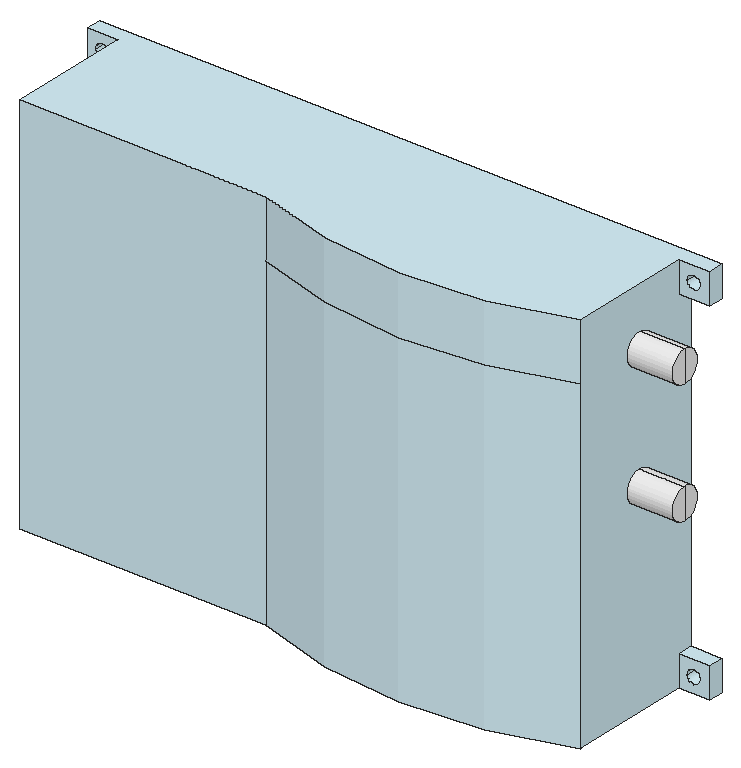
Revit family
Parameters (values of type "Chronomite Instant Flow M Series Tankless Water Heater")
  Width = 9 5/8"  # constant formula
  Waste Connection = no
  WFU = 0  # constant formula
  Voltage = 0 V  # constant formula
  Vent Connection = no
  URL = "www.chronomite.com/Instant-Flow-Micro/Instant-Flow-Micro-Models-Applications.html"
  Type Comments = "Temp Rise at 0.5 GPM - 24 deg F"
  Series = "Instant-Flow Micro"
  Revisions Date = "7/13/2010"  # constant formula
  Power Factor = 0  # constant formula
  Pipe Fitting = "Female  1/4inch Compression"  # constant formula
  OmniClass Title = "Instantaneous Water Heaters"  # constant formula
  OmniClass Number = "23.65.35.11.14"  # constant formula
  Number of Poles = 1
  Model = "M Series tankless Water Heater"
  Material = "Aluminum-Rugged-White"  # constant formula
  MasterFormat Title = "Flow-Control, Instantaneous Electric Domestic Water Heaters "  # constant formula
  MasterFormat Number = "22 33 13.13"  # constant formula
  Manufacturer = "Chronomite Laboratories, Inc. is a division of Acorn Engineering"  # constant formula
  Length = 2 3/4"  # constant formula
  LEED = "www.greenbuildexpo.org/"
  Tubing Radius = 3/16"  # constant formula
  Keynote = "15400"
  Installation Type = "Public Lavatory Facilities"  # constant formula
  Height = 6 1/4"  # constant formula
  HWFU = 0.25  # constant formula
  Full Load Current = 0 A  # constant formula
  Design Total Power = 0 W  # constant formula
  Description = "120V models may be operated at 110V with approximately a 10% Temperature Decrease"  # constant formula
  Default Elevation = 0"
  CWFU = 0.25  # constant formula
  Assembly Code = "D2020200"
  Architectural Design Manual = "www.chronomite.com/index.php?option=com_docman&task=doc_download&gid=5"
  Apparent Load = 0 W  # 0 VA
  ADA Compliant = yes
Types (3): name | Type Comments | Series | Model
  Chronomite Instant Flow M Series Tankless Water Heater | "Temp Rise at 0.5 GPM - 24 deg F" | "Instant-Flow Micro" | "M Series tankless Water Heater"
  Chronomite Instant Flow SR Tankless Water Heater, Low Flow, 15A, 120V | "Temp Rise at 0.5 GPM - 24 deg F" | "Instant-Flow SR" | "SR-15L / 120"
  Chronomite Instant Flow Micro Tankless Water Heater, Low Flow, 30A, 120V | "Temp Rise at 0.5 GPM - 49 deg F" | "Instant-Flow Micro" | "M-30L / 120"
Reference planes (in)
  plane 1 "Center (Front/Back)": y = 0
  plane 2 "Origin": z = 0
  plane 3 "Center (Left/Right)": x = 15.1164
  plane 4 "Left": x = 10.3039
  plane 5 "Right": x = 19.9289
  plane 6 "Top": z = 6.25
  plane 7: z = 6
  plane 8: z = 0.25
  plane 9: z = 5.75
  plane 10: z = 0.5
  plane 11: x = 10.0539
  plane 12: x = 20.1789
  plane 13 "Cold": z = 3.3125
  plane 14 "Hot": z = 5.3125
  plane 15: y = -2.75
  plane 16 "Piping": y = -1.0625
  plane 17: x = 10.82582
  plane 18: x = 14.32582
Forms (in)
  Extrusion 1, solid
    sketch origin (0, 0, 0) x (1, 0, 0) y (0, 0, 1)
      loop
        line (10.0539, 0) -> (20.1789, 0) -> (20.1789, 0.5) -> (19.6789, 0.5) -> (19.6789, 5.75) -> (20.1789, 5.75) -> (20.1789, 6.25) -> (10.0539, 6.25) -> (10.0539, 5.75) -> (10.5539, 5.75) -> (10.5539, 0.5) -> (10.0539, 0.5) -> (10.0539, 0)
      loop
        circle (19.9289, 0.25) r 0.10938
      loop
        circle (19.9289, 6) r 0.10938
      loop
        circle (10.3039, 6) r 0.10938
      loop
        circle (10.3039, 0.25) r 0.10938
    from 0 to 0.25
  Revolve 2, solid, detail levels medium+fine
    sketch origin (0, -1.0625, 0) x (1, 0, 0) y (0, 0, 1)
      loop
        line (19.6789, 5.3125) -> (19.6789, 5.0625) -> (20.4289, 5.0625) -> (20.4289, 5.3125) -> (19.6789, 5.3125)
      axis (19.6789, 5.3125) -> (20.4289, 5.3125)
    angle from 0 to 360
  Revolve 3, solid, detail levels medium+fine
    sketch origin (0, -1.0625, 0) x (1, 0, 0) y (0, 0, 1)
      loop
        line (19.6789, 3.3125) -> (19.6789, 3.0625) -> (20.4289, 3.0625) -> (20.4289, 3.3125) -> (19.6789, 3.3125)
      axis (19.6789, 3.3125) -> (20.4289, 3.3125)
    angle from 0 to 360
  Extrusion 4, solid
    sketch origin (0, 0, 0) x (1, 0, 0) y (0, 1, 0)
      loop
        line (10.5539, 0) -> (10.5539, -2.25) -> (14.5539, -2.25)
        arc (14.5539, -2.25) -> (17.1164, -2.75109) -> (19.6789, -2.25) r 6.80262
        line (19.6789, -2.25) -> (19.6789, 0) -> (10.5539, 0)
      loop
        circle (12.4289, -1.0625) r 0.53125
    from 0 to 5.3125
  Extrusion 5, solid
    sketch origin (0, 0, 5.3125) x (1, 0, 0) y (0, 1, 0)
      loop
        line (10.5539, 0) -> (10.5539, -2.25) -> (14.5539, -2.25)
        arc (14.5539, -2.25) -> (17.1164, -2.75109) -> (19.6789, -2.25) r 6.80262
        line (19.6789, -2.25) -> (19.6789, 0) -> (10.5539, 0)
    from 0 to 0.9375
Cuts and joins
  joined: Extrusion 1, Extrusion 4, Extrusion 5
Lines and regions (in)
  symbolic lines
    curve 1: line (10.5539, -2.25, 0) -> (14.5539, -2.25, 0)
    curve 2: arc (14.5539, -2.25, 0) -> (17.1164, -2.75109, 0) -> (19.6789, -2.25, 0) r 6.80262
    curve 3: line (19.6789, -2.25, 0) -> (19.6789, -0.25, 0)
    curve 4: line (19.6789, -0.25, 0) -> (20.1789, -0.25, 0)
    curve 5: line (20.1789, -0.25, 0) -> (20.1789, 0, 0)
    curve 6: line (20.1789, 0, 0) -> (10.0539, 0, 0)
    curve 7: line (10.0539, 0, 0) -> (10.0539, -0.25, 0)
    curve 8: line (10.0539, -0.25, 0) -> (10.5539, -0.25, 0)
    curve 9: line (10.5539, -0.25, 0) -> (10.5539, -2.25, 0)
    curve 16: line (10.0539, 0, 0) -> (20.1789, 0, 0)
    curve 17: line (20.1789, 0, 0) -> (20.1789, 0, 0.5)
    curve 18: line (20.1789, 0, 0.5) -> (19.6789, 0, 0.5)
    curve 19: line (19.6789, 0, 0.5) -> (19.6789, 0, 5.75)
    curve 20: line (19.6789, 0, 5.75) -> (20.1789, 0, 5.75)
    curve 21: line (20.1789, 0, 5.75) -> (20.1789, 0, 6.25)
    curve 22: line (20.1789, 0, 6.25) -> (10.0539, 0, 6.25)
    curve 23: line (10.0539, 0, 6.25) -> (10.0539, 0, 5.75)
    curve 24: line (10.0539, 0, 5.75) -> (10.5539, 0, 5.75)
    curve 25: line (10.5539, 0, 5.75) -> (10.5539, 0, 0.5)
    curve 26: line (10.5539, 0, 0.5) -> (10.0539, 0, 0.5)
    curve 27: line (10.0539, 0, 0.5) -> (10.0539, 0, 0)
    curve 41: line (15.1164, -2.25, 0) -> (15.1164, 0, 0)
    curve 42: line (15.1164, -2.25, 6.25) -> (15.1164, -2.25, 0)
    curve 43: line (15.1164, 0, 6.25) -> (15.1164, -2.25, 6.25)
    curve 44: line (15.1164, 0, 0) -> (15.1164, 0, 6.25)
  symbolic lines, detail levels medium+fine
    curve 10: circle (12.4289, -1.0625, 0) r 0.53125 normal (0, 0, 1)
    curve 28: line (14.5539, 0, 6.25) -> (14.5539, 0, 0)
    curve 45: line (15.1164, -0.25, 0.5) -> (15.1164, 0, 0.5)
    curve 46: line (15.1164, -0.25, 0.5) -> (15.1164, -0.25, 0)
    curve 47: line (15.1164, 0, 5.75) -> (15.1164, -0.25, 5.75)
    curve 48: line (15.1164, -0.25, 5.75) -> (15.1164, -0.25, 6.25)
  symbolic lines, detail levels fine
    curve 11: line (20.4289, -0.8125, 0) -> (19.6789, -0.8125, 0)
    curve 12: line (20.4289, -0.8125, 0) -> (20.4289, -1.3125, 0)
    curve 13: line (20.4289, -1.3125, 0) -> (19.6789, -1.3125, 0)
    curve 29: line (20.4289, 0, 3.0625) -> (19.6789, 0, 3.0625)
    curve 30: line (20.4289, 0, 3.5625) -> (20.4289, 0, 3.0625)
    curve 31: line (20.4289, 0, 3.5625) -> (19.6789, 0, 3.5625)
    curve 32: line (20.4289, 0, 5.0625) -> (19.6789, 0, 5.0625)
    curve 33: line (20.4289, 0, 5.5625) -> (20.4289, 0, 5.0625)
    curve 34: line (20.4289, 0, 5.5625) -> (19.6789, 0, 5.5625)
    curve 35: circle (10.3039, 0, 6) r 0.10938 normal (0, -1, 0)
    curve 36: circle (10.3039, 0, 0.25) r 0.10937 normal (0, -1, 0)
    curve 37: circle (19.9289, 0, 0.25) r 0.10938 normal (0, -1, 0)
    curve 38: circle (19.9289, 0, 6) r 0.10937 normal (0, -1, 0)
    curve 49: circle (15.1164, -1.0625, 5.3125) r 0.25 normal (1, 0, 0)
    curve 50: circle (15.1164, -1.0625, 3.3125) r 0.25 normal (1, 0, 0)
  symbolic lines, style "PlumbingFixturesHiddenLines", detail levels coarse
    curve 14: line (19.6789, -2.25, 0) -> (10.5539, 0, 0)
    curve 15: line (10.5539, -2.25, 0) -> (19.6789, 0, 0)
    curve 39: line (19.6789, 0, 0) -> (10.5539, 0, 6.25)
    curve 40: line (10.5539, 0, 0) -> (19.6789, 0, 6.25)
    curve 51: line (15.1164, 0, 0) -> (15.1164, -2.25, 6.25)
    curve 52: line (15.1164, -2.25, 0) -> (15.1164, 0, 6.25)
  model lines, detail levels fine
    curve 53: line (10.82582, -2.25, 0.5) -> (14.32582, -2.25, 0.5)
    curve 54: line (10.82582, -2.25, 2.8125) -> (10.82582, -2.25, 0.5)
    curve 55: line (14.32582, -2.25, 2.8125) -> (10.82582, -2.25, 2.8125)
    curve 56: line (14.32582, -2.25, 0.5) -> (14.32582, -2.25, 2.8125)
    curve 57: line (10.82582, -2.25, 3.3125) -> (14.32582, -2.25, 3.3125)
    curve 58: line (10.82582, -2.25, 5.3125) -> (10.82582, -2.25, 3.3125)
    curve 59: line (14.32582, -2.25, 5.3125) -> (10.82582, -2.25, 5.3125)
    curve 60: line (14.32582, -2.25, 3.3125) -> (14.32582, -2.25, 5.3125)
    curve 61: circle (12.57582, -2.25, 2.20049) r 0.1875 normal (0, -1, 0)
Dimensions and locks (in)
  equal spacing: plane 4 "Left", plane 3 "Center (Left/Right)", plane 5 "Right"
  "Width": plane 4 "Left" to plane 5 "Right"
  "Height": plane 6 "Top" to plane 2 "Origin"
  locked: Extrusion 1 sketch curve to plane 4 "Left" at 0.25
  locked: Extrusion 1 sketch curve to plane 5 "Right" at 0.25
  locked: plane 6 "Top" to plane 9 at 0.5
  locked: plane 10 to plane 2 "Origin" at 0.5
  locked: plane 4 "Left" to plane 11 at 0.25
  locked: plane 5 "Right" to plane 12 at 0.25
  locked: plane 6 "Top" to plane 7 at 0.25
  locked: plane 6 "Top" to plane 13 "Cold" at 2.9375
  locked: plane 14 "Hot" to plane 13 "Cold" at 2
  locked: plane 5 "Right" to Revolve 2 sketch curve at 0.5
  locked: plane 5 "Right" to Revolve 3 sketch curve at 0.5
  locked: plane 16 "Piping" to plane 15 at 1.6875
  locked: Extrusion 5 sketch curve to plane 15 at 0.5
  locked: plane 15 to Extrusion 5 sketch curve at 6.80153
  locked: Extrusion 4 sketch curve to plane 15 at 0.5
  locked: plane 15 to Extrusion 4 sketch curve at 6.80153
  locked: cut or joined group of Extrusion 1, Extrusion 4, Extrusion 5 to plane 1 "Center (Front/Back)" at 0.25
  "Length": plane 15 to plane 1 "Center (Front/Back)"
  locked: plane 13 "Cold" to curve 55 at 0.5
  locked: plane 17 to plane 4 "Left" at 0.52193
  locked: plane 3 "Center (Left/Right)" to plane 18 at 0.79057
  locked: plane 13 "Cold" to curve 61 at 1.11201
  locked: plane 3 "Center (Left/Right)" to curve 61 at 2.54057
  locked: Revolve 2 sketch curve to Revolve 2 sketch curve at 0.25
  locked: Revolve 3 sketch curve to Revolve 3 sketch curve at 0.25
  "Tubing Radius": radius of curve 61
  aligned and locked: level to plane 2 "Origin"
  aligned and locked: plane 7 to Extrusion 1 sketch curve  (x2)
  aligned and locked: plane 8 to Extrusion 1 sketch curve  (x2)
  aligned and locked: plane 4 "Left" to Extrusion 1 sketch curve  (x2)
  aligned and locked: plane 5 "Right" to Extrusion 1 sketch curve  (x2)
  aligned and locked: Extrusion 1 sketch curve to plane 9
  aligned and locked: plane 9 to Extrusion 1 sketch curve
  aligned and locked: plane 10 to Extrusion 1 sketch curve
  aligned and locked: Extrusion 1 sketch curve to plane 10
  aligned and locked: Extrusion 1 sketch curve to plane 11  (x2)
  aligned and locked: Extrusion 1 sketch curve to plane 12  (x2)
  aligned and locked: Revolve 2 sketch curve to plane 14 "Hot"
  aligned and locked: Revolve 3 sketch curve to plane 13 "Cold"
  aligned and locked: plane 6 "Top" to Extrusion 5
  aligned and locked: Extrusion 5 to plane 14 "Hot"
  aligned and locked: Extrusion 5 sketch curve to cut or joined group of Extrusion 1, Extrusion 4, Extrusion 5  (x2)
  aligned and locked: plane 1 "Center (Front/Back)" to Extrusion 5 sketch curve
  aligned and locked: plane 1 "Center (Front/Back)" to Extrusion 4 sketch curve
  aligned and locked: Extrusion 4 sketch curve to cut or joined group of Extrusion 1, Extrusion 4, Extrusion 5  (x2)
  aligned and locked: plane 2 "Origin" to cut or joined group of Extrusion 1, Extrusion 4, Extrusion 5
  aligned and locked: cut or joined group of Extrusion 1, Extrusion 4, Extrusion 5 to plane 2 "Origin"
  aligned and locked: plane 14 "Hot" to cut or joined group of Extrusion 1, Extrusion 4, Extrusion 5
  aligned and locked: Revolve 3 to cut or joined group of Extrusion 1, Extrusion 4, Extrusion 5
  aligned and locked: Revolve 2 to cut or joined group of Extrusion 1, Extrusion 4, Extrusion 5
  aligned and locked: curve 1 to cut or joined group of Extrusion 1, Extrusion 4, Extrusion 5
  aligned and locked: plane 6 "Top" to cut or joined group of Extrusion 1, Extrusion 4, Extrusion 5
  aligned and locked: cut or joined group of Extrusion 1, Extrusion 4, Extrusion 5 to curve 53
  aligned and locked: curve 57 to plane 13 "Cold"
  aligned and locked: plane 14 "Hot" to curve 59
  aligned and locked: curve 58 to plane 17
  aligned and locked: curve 54 to plane 17
  aligned and locked: plane 18 to curve 60
  aligned and locked: plane 18 to curve 56
  aligned and locked: cut or joined group of Extrusion 1, Extrusion 4, Extrusion 5 to plane 1 "Center (Front/Back)"
  aligned and locked: Revolve 3 sketch curve to Revolve 3 sketch curve
  aligned and locked: Revolve 2 sketch curve to Revolve 2 sketch curve
Automatic sketch dimensions
  Extrusion 1 sketch curve to level = 0"
  plane 6 "Top" to Extrusion 1 sketch curve = 0"
  Revolve 2 sketch curve to plane 5 "Right" = 1/4"
  Revolve 2 sketch curve to Revolve 2 sketch curve = 2.18097"
  Revolve 2 sketch curve to Revolve 2 sketch curve = 1/2"
  Revolve 3 sketch curve to plane 5 "Right" = 1/4"
  Revolve 3 sketch curve to Revolve 3 sketch curve = 1 1/2"
  Revolve 3 sketch curve to Revolve 3 sketch curve = 1/2"
  Extrusion 4 sketch curve to plane 16 "Piping" = 0"
  Extrusion 4 sketch curve to plane 4 "Left" = 2 1/8"
  plane 3 "Center (Left/Right)" to Extrusion 4 sketch curve = 9/16"
  plane 15 to Extrusion 4 sketch curve = 1/2"
  plane 3 "Center (Left/Right)" to Extrusion 5 sketch curve = 9/16"
  plane 15 to Extrusion 5 sketch curve = 1/2"
  curve 7 to plane 1 "Center (Front/Back)" = 0"
  curve 10 to plane 16 "Piping" = 0"
  curve 8 to plane 4 "Left" = 1/4"
  plane 4 "Left" to curve 9 = 1/4"
  plane 4 "Left" to curve 14 = 1/4"
  curve 8 to curve 10 = 1 7/8"
  curve 2 to plane 3 "Center (Left/Right)" = 9/16"
  plane 5 "Right" to curve 14 = 1/4"
  plane 5 "Right" to curve 15 = 1/4"
  curve 5 to plane 5 "Right" = 1/4"
  curve 12 to plane 5 "Right" = 1/2"
  curve 12 to plane 16 "Piping" = 1/4"
  curve 14 to plane 15 = 1/2"
  plane 16 "Piping" to curve 11 = 1/4"
  plane 1 "Center (Front/Back)" to curve 7 = 1/4"
  plane 1 "Center (Front/Back)" to curve 3 = 1/4"
  curve 2 to plane 1 "Center (Front/Back)" = 4.05153"
  curve 52 to level = 0"
  curve 49 to plane 14 "Hot" = 0"
  curve 49 to plane 16 "Piping" = 0"
  curve 50 to plane 13 "Cold" = 0"
  curve 50 to plane 16 "Piping" = 0"
  curve 52 to plane 1 "Center (Front/Back)" = 0"
  curve 52 to plane 6 "Top" = 0"
  curve 41 to plane 15 = 1/2"
  plane 1 "Center (Front/Back)" to curve 45 = 1/4"
  curve 48 to curve 43 = 1/4"
  level to curve 45 = 1/2"
  plane 14 "Hot" to curve 47 = 7/16"
  curve 16 to level = 0"
  curve 23 to plane 6 "Top" = 0"
  curve 35 to plane 4 "Left" = 0"
  curve 36 to plane 4 "Left" = 0"
  curve 38 to plane 5 "Right" = 0"
  curve 37 to plane 5 "Right" = 0"
  curve 27 to plane 4 "Left" = 1/4"
  curve 22 to plane 4 "Left" = 1/4"
  plane 4 "Left" to curve 26 = 1/4"
  plane 4 "Left" to curve 39 = 1/4"
  plane 4 "Left" to curve 40 = 1/4"
  plane 5 "Right" to curve 18 = 1/4"
  plane 5 "Right" to curve 39 = 1/4"
  plane 5 "Right" to curve 40 = 1/4"
  curve 17 to plane 5 "Right" = 1/4"
  curve 21 to plane 5 "Right" = 1/4"
  curve 20 to curve 34 = 1/4"
  curve 30 to plane 5 "Right" = 1/2"
  level to curve 36 = 1/4"
  level to curve 37 = 1/4"
  curve 37 to curve 19 = 1/4"
  curve 36 to curve 26 = 1/4"
  curve 30 to plane 13 "Cold" = 1/4"
  plane 13 "Cold" to curve 31 = 1/4"
  curve 33 to plane 14 "Hot" = 1/4"
  plane 14 "Hot" to curve 34 = 1/4"
  curve 34 to curve 19 = 3/16"
  plane 14 "Hot" to curve 25 = 7/16"
  curve 38 to plane 6 "Top" = 1/4"
  curve 35 to plane 6 "Top" = 1/4"
  curve 28 to plane 3 "Center (Left/Right)" = 9/16"
  radius of Extrusion 1 sketch curve = 7/64"  (x4)
  radius of Extrusion 4 sketch curve = 17/32"
  radius of curve 10 = 17/32"
  radius of curve 49 = 1/4"
  radius of curve 50 = 1/4"
  radius of curve 35 = 7/64"
  radius of curve 36 = 7/64"
  radius of curve 37 = 7/64"
  radius of curve 38 = 7/64"
Nested families (in)
  nested 1: "Notation" at (15.1164, -1.0625, 0), type "Notation", detail levels coarse
Connectors (in)
  piping at (20.4289, -1.0625, 5.3125), driven by "Tubing Radius", driven by "HWFU", driven by "Pipe Fitting"
    settings: on Revolve 2, index 1
  piping at (20.4289, -1.0625, 3.3125), driven by "Tubing Radius", driven by "Pipe Fitting", driven by "CWFU"
    settings: on Revolve 3, index 2
  electrical at (12.4289, -1.0625, 0), driven by "Power Factor", driven by "Apparent Load", driven by "Voltage", driven by "Number of Poles", driven by "Description"
    settings: on cut or joined group of Extrusion 1, Extrusion 4, Extrusion 5, index 3
Definition of nested family "Notation"
  Parameters (values of type "Notation")
    Notation = "LIGHT"
  Reference planes (in)
    plane 1: y = 0
    plane 2: x = 0
  Text (in)
    label "Notation" at (0.00196, 0.00746, 0), shows "Notation"
